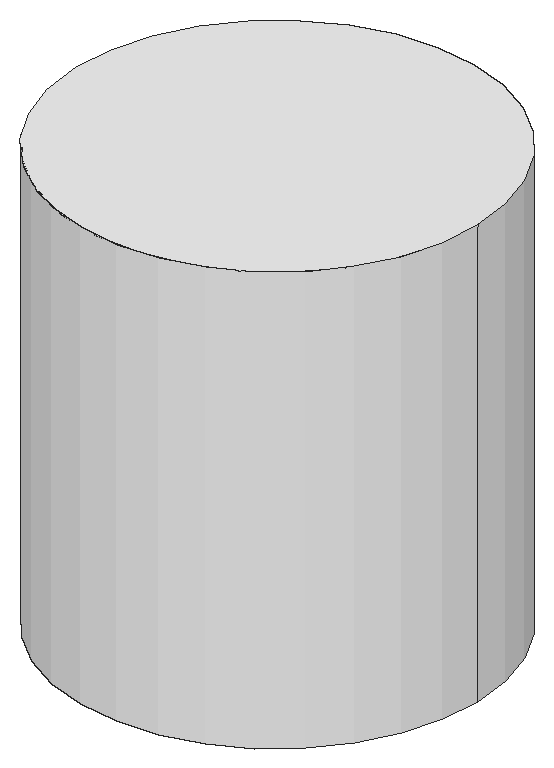
Revit family "TBW01402A_TAC", category Plumbing Fixtures, Revit 2018
Family settings
  Round Connector Dimension = Use Diameter
  Part Type = Normal
  OmniClass Number = 23.45.00.00
  OmniClass Title = Sanitary, Laundry, and Cleaning Equipment
  Work Plane-Based = No
  Always vertical = Yes
  Cut with Voids When Loaded = No
  Shared = No
  Room Calculation Point = No
Parameters
  Water Pressure = "0.05~1.0MPa"
  URL = "https://asia.toto.com/"
  Product URL = ""
  Product Documentation Link = ""
  Model = "TBW01402A"
  Material = none
  Flow rate = ""
  Description = "Thermostat Shower Column with Over Head Shower(1 mode)"
  Manufacturer = "TOTO LTD."  # constant formula
  HW Connection = yes
  Contact Us = ""
  CW Connection = yes
  Waste Connection = no
  Vent Connection = no
  Type Comments = ""
  Width = 298.0 mm
  Length = 586.0 mm
  Height = 1190.0 mm
  Finish = Polished Chrome
Reference planes
  plane 1 "Center (Front/Back)": y = 0
  plane 2: z = 0
  plane 3 "Center (Left/Right)": x = 0
  plane 4 "Left": x = -149
  plane 5 "Right": x = 149
  plane 6 "Up": z = 1143
  plane 7 "Down": z = -47
  plane 8 "Back": y = 0
  plane 9 "Front": y = -586
Forms (mm)
  Extrusion 1, solid, material "Polished Chrome"
    sketch origin (0, 0, 0) x (1, 0, 0) y (0, 1, 0)
      loop
        circle (0, -76) r 17
    from 826.787 to 862.908
Dimensions and locks
  "Width": plane 4 "Left" to plane 5 "Right"
  "Length": plane 8 "Back" to plane 9 "Front"
  "Height": plane 6 "Up" to plane 7 "Down"
  aligned and locked: level to plane 2
Automatic sketch dimensions
  Extrusion 1 sketch curve to plane 3 "Center (Left/Right)" = 0.0 mm
  plane 1 "Center (Front/Back)" to Extrusion 1 sketch curve = 76.0 mm
  radius of Extrusion 1 sketch curve = 17.0 mm
Connectors
  piping at (-75, 0, 0), diameter 15
    settings: on import instance, index 1, connector inside diameter 609.6 mm, connector length 0.0 mm, flow factor 0, pipe flow 0.0 L/s, pressure drop 0.0 Pa, fitting loss kfactor 0, connector angle 0.00°, fixture units 0, engagement length 0.0 mm, angle of deflection 0.00°, flow configuration 2, flow direction 1, fitting loss method 0, system type 19, joint type 0, gender type 0, connector reference index -1, connector utility 0, adjustable connector no, is connector primary yes, connector description ""
  piping at (75, 0, 0), diameter 15
    settings: on import instance, index 2, connector inside diameter 609.6 mm, connector length 0.0 mm, flow factor 0, pipe flow 0.0 L/s, pressure drop 0.0 Pa, fitting loss kfactor 0, connector angle 0.00°, fixture units 0, engagement length 0.0 mm, angle of deflection 0.00°, flow configuration 2, flow direction 1, fitting loss method 0, system type 20, joint type 0, gender type 0, connector reference index -1, connector utility 0, adjustable connector no, is connector primary no, connector description ""
